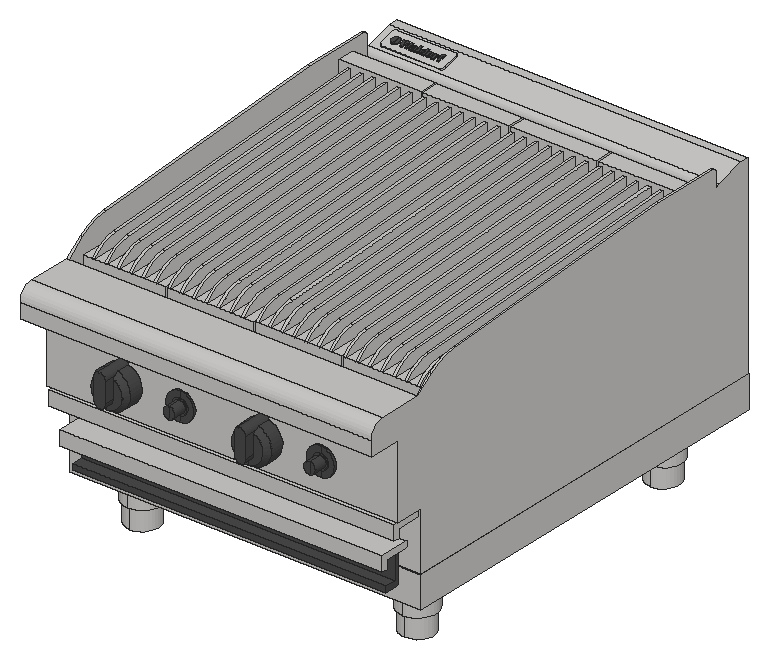
Revit family "QF_MOFFAT WALDORF_CHL8600G-B", category Specialty Equipment, Revit 2012
Parameters
  Weight in Pounds = 0
  URL Cutsheet = "www.moffat.com"
  URL = "www.moffat.com"
  Type Mark [instance] = ""
  Status [instance] = ""
  Specification by User [instance] = ""
  Specification by Manufacturer = ""
  Show Logo [instance] = yes
  Serial Number = ""
  Seismic Rating = ""
  SMACNA No = ""
  Revision Code [instance] = ""
  Omniclass Number and Title = ""
  NAFEM Spec ID Number = ""
  Model = "CHL8600G-B"
  Mechanical Remarks [instance] = ""
  Mechanical Connection Type [instance] = ""
  Masterspec = ""
  Manufacturer = "MOFFAT WALDORF"
  Item Number [instance] = ""
  Installed By [instance] = ""
  Identify Quantity as Lot [instance] = yes
  Gas Size = 3/4"
  Gas RI Height [instance] = 0 mm
  Gas KW [instance] = 18.3
  Gas Input [instance] = 62556.0 Btu/h
  Gas Connection Height = 0 mm
  Furnished By [instance] = ""
  Foodservice Equipment Identifier [instance] = yes
  Description = "CHARGRILL LOW SPLASHBACK BENCH MOUNT"
  CSI MasterFormat = ""
  CSI Master Format = ""
  Body Finish = QF_Finishes_Stainless Steel
Reference planes
  plane 1 "BACK": y = 0
  plane 2: z = 0
  plane 3 "LEFT": x = 0
  plane 4 "RIGHT": x = 600
  plane 5 "FRONT": y = -805
  plane 6 "TOP": z = 972
  plane 7 "Center Y": x = 300
  plane 8 "Center X": y = -402.5
  plane 9: z = 470
Forms (mm)
  Extrusion 1, solid, material "QF_Finishes_Stainless Steel" <- "Body Finish"
    sketch origin (0, 0, -500) x (0, 1, 0) y (0, 0, 1)
      loop
        line (-805, 891) -> (-805, 866) -> (-749, 866) -> (-749, 740) -> (-699, 740) -> (-699, 640) -> (0, 640) -> (0, 970) -> (-15, 970) -> (-61.106, 957.646)
        arc (-61.106, 957.646) -> (-67.52, 953.36) -> (-70, 946.055) r 12
        line (-70, 946.055) -> (-70, 875) -> (-705, 875) -> (-705, 915) -> (-781, 915)
        arc (-781, 915) -> (-797.971, 907.971) -> (-805, 891) r 24
      loop
        line (0, 585) -> (0, 639.206) -> (-699, 639.206) -> (-699, 585) -> (0, 585)
    from 0 to 600
  Revolve 2, solid, material "QF_Finishes_Stainless Steel" <- "Body Finish"
    sketch origin (535, -735, 0) x (0, 1, 0) y (0, 0, -1)
      loop
        line (78.25, -85) -> (110, -85) -> (110, 0) -> (82.5, 0) -> (82.5, -35) -> (78.25, -35) -> (78.25, -85)
      axis (110, -85) -> (110, 0)
    angle from 0 to 360
  Revolve 3, solid, material "QF_Finishes_Stainless Steel" <- "Body Finish"
    sketch origin (535, -210, 0) x (0, 1, 0) y (0, 0, -1)
      loop
        line (78.25, -85) -> (110, -85) -> (110, 0) -> (82.5, 0) -> (82.5, -35) -> (78.25, -35) -> (78.25, -85)
      axis (110, -85) -> (110, 0)
    angle from 0 to 360
  Revolve 4, solid, material "QF_Finishes_Stainless Steel" <- "Body Finish"
    sketch origin (65, -735, 0) x (0, 1, 0) y (0, 0, 1)
      loop
        line (78.25, 85) -> (78.25, 35) -> (82.5, 35) -> (82.5, 0) -> (110, 0) -> (110, 85) -> (78.25, 85)
      axis (110, 85) -> (110, 0)
    angle from 0 to 360
  Revolve 5, solid, material "QF_Finishes_Stainless Steel" <- "Body Finish"
    sketch origin (65, -210, 0) x (0, 1, 0) y (0, 0, 1)
      loop
        line (78.25, 85) -> (78.25, 35) -> (82.5, 35) -> (82.5, 0) -> (110, 0) -> (110, 85) -> (78.25, 85)
      axis (110, 85) -> (110, 0)
    angle from 0 to 360
  Extrusion 6, solid, material "QF_Finishes_Stainless Steel" <- "Body Finish"
    sketch origin (0, 0, -342.612) x (0, 1, 0) y (0, 0, 1)
      loop
        line (-70, 717) -> (-70, 821.612)
        arc (-70, 821.612) -> (-71.757, 825.854) -> (-76, 827.612) r 6
        line (-76, 827.612) -> (-191, 827.612) -> (-626.365, 797.168)
        arc (-626.365, 797.168) -> (-652.77, 791.676) -> (-676.747, 779.327) r 100
        line (-676.747, 779.327) -> (-705, 757.612) -> (-705, 717) -> (-70, 717)
    from 0 to 4.5
  Extrusion 7, solid, material "QF_Finishes_Stainless Steel" <- "Body Finish"
    sketch origin (600, 0, -342.612) x (0, 1, 0) y (0, 0, -1)
      loop
        line (-70, -717) -> (-705, -717) -> (-705, -757.612) -> (-676.747, -779.327)
        arc (-676.747, -779.327) -> (-652.77, -791.676) -> (-626.365, -797.168) r 100
        line (-626.365, -797.168) -> (-191, -827.612) -> (-76, -827.612)
        arc (-76, -827.612) -> (-71.757, -825.854) -> (-70, -821.612) r 6
        line (-70, -821.612) -> (-70, -717)
    from 0 to 3
  Revolve 8, solid, material "QF_Finishes_Black"
    sketch origin (138.112, 0, -342) x (0, 1, 0) y (0, 0, 1)
      loop
        line (-782, 671.5) -> (-793, 665.651) -> (-793, 639) -> (-749, 639) -> (-749, 644) -> (-759, 644) -> (-759, 671.5) -> (-782, 671.5)
      axis (-793, 639) -> (-749, 639)
    angle from 0 to 360
  Extrusion 9, solid, material "QF_Finishes_Black"
    sketch origin (0, 0, -342) x (1, 0, 0) y (0, 0, 1)
      loop
        line (148.3, 631) -> (148.3, 666)
        arc (148.3, 666) -> (138.3, 676) -> (128.3, 666) r 10
        line (128.3, 666) -> (128.3, 631)
        arc (128.3, 631) -> (138.3, 621) -> (148.3, 631) r 10
    from 759 to 808
  Revolve 10, solid, material "QF_Finishes_Black"
    sketch origin (378.544, 0, -342) x (0, 1, 0) y (0, 0, -1)
      loop
        line (-782, -671.5) -> (-759, -671.5) -> (-759, -644) -> (-749, -644) -> (-749, -639) -> (-793, -639) -> (-793, -665.651) -> (-782, -671.5)
      axis (-793, -639) -> (-749, -639)
    angle from 0 to 360
  Extrusion 11, solid, material "QF_Finishes_Black"
    sketch origin (516.656, 0, -342) x (-1, 0, 0) y (0, 0, -1)
      loop
        arc (148.3, -631) -> (138.3, -621) -> (128.3, -631) r 10
        line (128.3, -631) -> (128.3, -666)
        arc (128.3, -666) -> (138.3, -676) -> (148.3, -666) r 10
        line (148.3, -666) -> (148.3, -631)
    from 759 to 808
  Revolve 12, solid, material "QF_Finishes_Black"
    sketch origin (238.3, 0, -342) x (0, 1, 0) y (0, 0, 1)
      loop
        line (-759, 644) -> (-759, 663) -> (-761.705, 663) -> (-761.705, 651.85) -> (-762.85, 651.85) -> (-762.85, 648.825) -> (-784.88, 648.825) -> (-784.88, 639) -> (-749, 639) -> (-749, 644) -> (-759, 644)
      axis (-749, 639) -> (-784.88, 639)
    angle from 0 to 360
  Revolve 13, solid, material "QF_Finishes_Black"
    sketch origin (478.3, 0, -342) x (0, 1, 0) y (0, 0, 1)
      loop
        line (-759, 644) -> (-759, 663) -> (-761.705, 663) -> (-761.705, 651.85) -> (-762.85, 651.85) -> (-762.85, 648.825) -> (-784.88, 648.825) -> (-784.88, 639) -> (-749, 639) -> (-749, 644) -> (-759, 644)
      axis (-749, 639) -> (-784.88, 639)
    angle from 0 to 360
  Extrusion 14, solid, material "QF_Finishes_Stainless Steel"
    sketch origin (276, 0, -342) x (0, 1, 0) y (0, 0, 1)
      loop
        line (-132, 752.364) -> (-132, 804.849) -> (-630.852, 774.53)
        arc (-630.852, 774.53) -> (-656.098, 767.97) -> (-677, 752.364) r 67.81
        line (-677, 752.364) -> (-132, 752.364)
    from 0 to 4.5
  Extrusion 15, solid, material "QF_Finishes_Stainless Steel"
    sketch origin (255, 0, -342) x (0, 1, 0) y (0, 0, 1)
      loop
        line (-132, 752.364) -> (-132, 804.849) -> (-630.852, 774.53)
        arc (-630.852, 774.53) -> (-656.098, 767.97) -> (-677, 752.364) r 67.81
        line (-677, 752.364) -> (-132, 752.364)
    from 0 to 4.5
  Extrusion 16, solid, material "QF_Finishes_Stainless Steel"
    sketch origin (234, 0, -342) x (0, 1, 0) y (0, 0, 1)
      loop
        line (-132, 752.364) -> (-132, 804.849) -> (-630.852, 774.53)
        arc (-630.852, 774.53) -> (-656.098, 767.97) -> (-677, 752.364) r 67.81
        line (-677, 752.364) -> (-132, 752.364)
    from 0 to 4.5
  Extrusion 17, solid, material "QF_Finishes_Stainless Steel"
    sketch origin (213, 0, -342) x (0, 1, 0) y (0, 0, 1)
      loop
        line (-132, 752.364) -> (-132, 804.849) -> (-630.852, 774.53)
        arc (-630.852, 774.53) -> (-656.098, 767.97) -> (-677, 752.364) r 67.81
        line (-677, 752.364) -> (-132, 752.364)
    from 0 to 4.5
  Extrusion 18, solid, material "QF_Finishes_Stainless Steel"
    sketch origin (192, 0, -342) x (0, 1, 0) y (0, 0, 1)
      loop
        line (-132, 752.364) -> (-132, 804.849) -> (-630.852, 774.53)
        arc (-630.852, 774.53) -> (-656.098, 767.97) -> (-677, 752.364) r 67.81
        line (-677, 752.364) -> (-132, 752.364)
    from 0 to 4.5
  Extrusion 19, solid, material "QF_Finishes_Stainless Steel"
    sketch origin (171, 0, -342) x (0, 1, 0) y (0, 0, 1)
      loop
        line (-132, 752.364) -> (-132, 804.849) -> (-630.852, 774.53)
        arc (-630.852, 774.53) -> (-656.098, 767.97) -> (-677, 752.364) r 67.81
        line (-677, 752.364) -> (-132, 752.364)
    from 0 to 4.5
  Extrusion 20, solid, material "QF_Finishes_Stainless Steel"
    sketch origin (150, 0, -342) x (0, 1, 0) y (0, 0, 1)
      loop
        line (-132, 752.364) -> (-132, 804.849) -> (-630.852, 774.53)
        arc (-630.852, 774.53) -> (-656.098, 767.97) -> (-677, 752.364) r 67.81
        line (-677, 752.364) -> (-132, 752.364)
    from 0 to 4.5
  Extrusion 21, solid, material "QF_Finishes_Stainless Steel"
    sketch origin (126, 0, -342) x (0, 1, 0) y (0, 0, 1)
      loop
        line (-132, 752.364) -> (-132, 804.849) -> (-630.852, 774.53)
        arc (-630.852, 774.53) -> (-656.098, 767.97) -> (-677, 752.364) r 67.81
        line (-677, 752.364) -> (-132, 752.364)
    from 0 to 4.5
  Extrusion 22, solid, material "QF_Finishes_Stainless Steel"
    sketch origin (105, 0, -342) x (0, 1, 0) y (0, 0, 1)
      loop
        line (-132, 752.364) -> (-132, 804.849) -> (-630.852, 774.53)
        arc (-630.852, 774.53) -> (-656.098, 767.97) -> (-677, 752.364) r 67.81
        line (-677, 752.364) -> (-132, 752.364)
    from 0 to 4.5
  Extrusion 23, solid, material "QF_Finishes_Stainless Steel"
    sketch origin (84, 0, -342) x (0, 1, 0) y (0, 0, 1)
      loop
        line (-132, 752.364) -> (-132, 804.849) -> (-630.852, 774.53)
        arc (-630.852, 774.53) -> (-656.098, 767.97) -> (-677, 752.364) r 67.81
        line (-677, 752.364) -> (-132, 752.364)
    from 0 to 4.5
  Extrusion 24, solid, material "QF_Finishes_Stainless Steel"
    sketch origin (63, 0, -342) x (0, 1, 0) y (0, 0, 1)
      loop
        line (-132, 752.364) -> (-132, 804.849) -> (-630.852, 774.53)
        arc (-630.852, 774.53) -> (-656.098, 767.97) -> (-677, 752.364) r 67.81
        line (-677, 752.364) -> (-132, 752.364)
    from 0 to 4.5
  Extrusion 25, solid, material "QF_Finishes_Stainless Steel"
    sketch origin (42, 0, -342) x (0, 1, 0) y (0, 0, 1)
      loop
        line (-132, 752.364) -> (-132, 804.849) -> (-630.852, 774.53)
        arc (-630.852, 774.53) -> (-656.098, 767.97) -> (-677, 752.364) r 67.81
        line (-677, 752.364) -> (-132, 752.364)
    from 0 to 4.5
  Extrusion 26, solid, material "QF_Finishes_Stainless Steel"
    sketch origin (21, 0, -342) x (0, 1, 0) y (0, 0, 1)
      loop
        line (-132, 752.364) -> (-132, 804.849) -> (-630.852, 774.53)
        arc (-630.852, 774.53) -> (-656.098, 767.97) -> (-677, 752.364) r 67.81
        line (-677, 752.364) -> (-132, 752.364)
    from 0 to 4.5
  Extrusion 27, solid, material "QF_Finishes_Stainless Steel"
    sketch origin (426, 0, -342) x (0, 1, 0) y (0, 0, 1)
      loop
        line (-132, 752.364) -> (-132, 804.849) -> (-630.852, 774.53)
        arc (-630.852, 774.53) -> (-656.098, 767.97) -> (-677, 752.364) r 67.81
        line (-677, 752.364) -> (-132, 752.364)
    from 0 to 4.5
  Extrusion 28, solid, material "QF_Finishes_Stainless Steel"
    sketch origin (405, 0, -342) x (0, 1, 0) y (0, 0, 1)
      loop
        line (-132, 752.364) -> (-132, 804.849) -> (-630.852, 774.53)
        arc (-630.852, 774.53) -> (-656.098, 767.97) -> (-677, 752.364) r 67.81
        line (-677, 752.364) -> (-132, 752.364)
    from 0 to 4.5
  Extrusion 29, solid, material "QF_Finishes_Stainless Steel"
    sketch origin (384, 0, -342) x (0, 1, 0) y (0, 0, 1)
      loop
        line (-132, 752.364) -> (-132, 804.849) -> (-630.852, 774.53)
        arc (-630.852, 774.53) -> (-656.098, 767.97) -> (-677, 752.364) r 67.81
        line (-677, 752.364) -> (-132, 752.364)
    from 0 to 4.5
  Extrusion 30, solid, material "QF_Finishes_Stainless Steel"
    sketch origin (363, 0, -342) x (0, 1, 0) y (0, 0, 1)
      loop
        line (-132, 752.364) -> (-132, 804.849) -> (-630.852, 774.53)
        arc (-630.852, 774.53) -> (-656.098, 767.97) -> (-677, 752.364) r 67.81
        line (-677, 752.364) -> (-132, 752.364)
    from 0 to 4.5
  Extrusion 31, solid, material "QF_Finishes_Stainless Steel"
    sketch origin (342, 0, -342) x (0, 1, 0) y (0, 0, 1)
      loop
        line (-132, 752.364) -> (-132, 804.849) -> (-630.852, 774.53)
        arc (-630.852, 774.53) -> (-656.098, 767.97) -> (-677, 752.364) r 67.81
        line (-677, 752.364) -> (-132, 752.364)
    from 0 to 4.5
  Extrusion 32, solid, material "QF_Finishes_Stainless Steel"
    sketch origin (321, 0, -342) x (0, 1, 0) y (0, 0, 1)
      loop
        line (-132, 752.364) -> (-132, 804.849) -> (-630.852, 774.53)
        arc (-630.852, 774.53) -> (-656.098, 767.97) -> (-677, 752.364) r 67.81
        line (-677, 752.364) -> (-132, 752.364)
    from 0 to 4.5
  Extrusion 33, solid, material "QF_Finishes_Stainless Steel"
    sketch origin (300, 0, -342) x (0, 1, 0) y (0, 0, 1)
      loop
        line (-132, 752.364) -> (-132, 804.849) -> (-630.852, 774.53)
        arc (-630.852, 774.53) -> (-656.098, 767.97) -> (-677, 752.364) r 67.81
        line (-677, 752.364) -> (-132, 752.364)
    from 0 to 4.5
  Extrusion 34, solid, material "QF_Finishes_Stainless Steel"
    sketch origin (576, 0, -342) x (0, 1, 0) y (0, 0, 1)
      loop
        line (-132, 752.364) -> (-132, 804.849) -> (-630.852, 774.53)
        arc (-630.852, 774.53) -> (-656.098, 767.97) -> (-677, 752.364) r 67.81
        line (-677, 752.364) -> (-132, 752.364)
    from 0 to 4.5
  Extrusion 35, solid, material "QF_Finishes_Stainless Steel"
    sketch origin (555, 0, -342) x (0, 1, 0) y (0, 0, 1)
      loop
        line (-132, 752.364) -> (-132, 804.849) -> (-630.852, 774.53)
        arc (-630.852, 774.53) -> (-656.098, 767.97) -> (-677, 752.364) r 67.81
        line (-677, 752.364) -> (-132, 752.364)
    from 0 to 4.5
  Extrusion 36, solid, material "QF_Finishes_Stainless Steel"
    sketch origin (534, 0, -342) x (0, 1, 0) y (0, 0, 1)
      loop
        line (-132, 752.364) -> (-132, 804.849) -> (-630.852, 774.53)
        arc (-630.852, 774.53) -> (-656.098, 767.97) -> (-677, 752.364) r 67.81
        line (-677, 752.364) -> (-132, 752.364)
    from 0 to 4.5
  Extrusion 37, solid, material "QF_Finishes_Stainless Steel"
    sketch origin (513, 0, -342) x (0, 1, 0) y (0, 0, 1)
      loop
        line (-132, 752.364) -> (-132, 804.849) -> (-630.852, 774.53)
        arc (-630.852, 774.53) -> (-656.098, 767.97) -> (-677, 752.364) r 67.81
        line (-677, 752.364) -> (-132, 752.364)
    from 0 to 4.5
  Extrusion 38, solid, material "QF_Finishes_Stainless Steel"
    sketch origin (492, 0, -342) x (0, 1, 0) y (0, 0, 1)
      loop
        line (-132, 752.364) -> (-132, 804.849) -> (-630.852, 774.53)
        arc (-630.852, 774.53) -> (-656.098, 767.97) -> (-677, 752.364) r 67.81
        line (-677, 752.364) -> (-132, 752.364)
    from 0 to 4.5
  Extrusion 39, solid, material "QF_Finishes_Stainless Steel"
    sketch origin (471, 0, -342) x (0, 1, 0) y (0, 0, 1)
      loop
        line (-132, 752.364) -> (-132, 804.849) -> (-630.852, 774.53)
        arc (-630.852, 774.53) -> (-656.098, 767.97) -> (-677, 752.364) r 67.81
        line (-677, 752.364) -> (-132, 752.364)
    from 0 to 4.5
  Extrusion 40, solid, material "QF_Finishes_Stainless Steel"
    sketch origin (450, 0, -342) x (0, 1, 0) y (0, 0, 1)
      loop
        line (-132, 752.364) -> (-132, 804.849) -> (-630.852, 774.53)
        arc (-630.852, 774.53) -> (-656.098, 767.97) -> (-677, 752.364) r 67.81
        line (-677, 752.364) -> (-132, 752.364)
    from 0 to 4.5
  Extrusion 41, solid, material "QF_Finishes_Stainless Steel"
    sketch origin (1, 3, -500) x (1, 0, 0) y (0, 1, 0)
      loop
        circle (215, -35) r 13.5
    from 555 to 585
  Extrusion 42, solid, material "QF_Finishes_Black"
    sketch origin (1, 0, -342) x (0, 1, 0) y (0, 0, 1)
      loop
        line (-704, 513.797) -> (-704, 460.047) -> (-724, 460.047) -> (-724, 450.047) -> (-685.346, 450.047) -> (-685.346, 513.797) -> (-704, 513.797)
    from 24.12 to 559
  Extrusion 43, solid, material "QF_Finishes_Stainless Steel"
    sketch origin (0, 0, -342) x (0, 1, 0) y (0, 0, 1)
      loop
        line (-751.27, 553.219) -> (-741.27, 553.219) -> (-741.27, 568.219) -> (-699, 568.219) -> (-699, 578.219) -> (-751.27, 578.219) -> (-751.27, 553.219)
    from 5.013 to 595
  Extrusion 44, solid, material "QF_Finishes_Stainless Steel"
    sketch origin (0, 0, -396.422) x (0, 1, 0) y (0, 0, 1)
      loop
        line (-751.27, 553.219) -> (-741.27, 553.219) -> (-741.27, 568.219) -> (-685.346, 568.219) -> (-685.346, 578.219) -> (-751.27, 578.219) -> (-751.27, 553.219)
    from 25.12 to 575.007
  Extrusion 45, solid, material "QF_Finishes_Stainless Steel"
    sketch origin (0, 0, -342) x (0, 1, 0) y (0, 0, 1)
      loop
        line (-132, 752.364) -> (-677, 752.364) -> (-677, 717) -> (-102, 717) -> (-102, 812) -> (-132, 812) -> (-132, 752.364)
    from 4.5 to 147
  Extrusion 46, solid, material "QF_Finishes_Stainless Steel"
    sketch origin (145.5, 0, -342) x (0, 1, 0) y (0, 0, 1)
      loop
        line (-132, 752.364) -> (-677, 752.364) -> (-677, 717) -> (-102, 717) -> (-102, 812) -> (-132, 812) -> (-132, 752.364)
    from 4.5 to 151.5
  Extrusion 47, solid, material "QF_Finishes_Stainless Steel"
    sketch origin (295.5, 0, -342) x (0, 1, 0) y (0, 0, 1)
      loop
        line (-132, 752.364) -> (-677, 752.364) -> (-677, 717) -> (-102, 717) -> (-102, 812) -> (-132, 812) -> (-132, 752.364)
    from 4.5 to 151.5
  Extrusion 48, solid, material "QF_Finishes_Stainless Steel"
    sketch origin (445.5, 0, -342) x (0, 1, 0) y (0, 0, 1)
      loop
        line (-132, 752.364) -> (-677, 752.364) -> (-677, 717) -> (-102, 717) -> (-102, 812) -> (-132, 812) -> (-132, 752.364)
    from 4.5 to 151.5
Cuts and joins
  joined: Revolve 8, Extrusion 9
  joined: Revolve 10, Extrusion 11
  joined: Extrusion 1, Extrusion 6, Extrusion 7
Lines and regions (mm)
  Split face 1
    outline origin (0, -15.841, 469.775) x (0, -0.965926, -0.258819) y (1, 0, 0)
      loop
        line (1.092, 129.583) -> (32.089, 129.583) -> (32.089, 149.583) -> (1.092, 149.583) -> (1.092, 129.583)
  Split face 2
    outline origin (0, -15.841, 469.775) x (0, -0.965926, -0.258819) y (1, 0, 0)
      loop
        line (32.089, 156.5) -> (32.089, 176.5) -> (1.092, 176.5) -> (1.092, 156.5) -> (32.089, 156.5)
  Split face 3
    outline origin (0, -15.841, 469.775) x (0, -0.965926, -0.258819) y (1, 0, 0)
      loop
        line (32.089, 203.5) -> (1.092, 203.5) -> (1.092, 183.5) -> (32.089, 183.5) -> (32.089, 203.5)
  Split face 4
    outline origin (0, -15.841, 469.775) x (0, -0.965926, -0.258819) y (1, 0, 0)
      loop
        line (32.089, 230.5) -> (1.092, 230.5) -> (1.092, 210.5) -> (32.089, 210.5) -> (32.089, 230.5)
  Split face 5
    outline origin (0, -15.841, 469.775) x (0, -0.965926, -0.258819) y (1, 0, 0)
      loop
        line (32.089, 257.5) -> (1.092, 257.5) -> (1.092, 237.5) -> (32.089, 237.5) -> (32.089, 257.5)
  Split face 6
    outline origin (0, -15.841, 469.775) x (0, -0.965926, -0.258819) y (1, 0, 0)
      loop
        line (32.089, 264.5) -> (32.089, 284.5) -> (1.092, 284.5) -> (1.092, 264.5) -> (32.089, 264.5)
  Split face 7
    outline origin (0, -15.841, 469.775) x (0, -0.965926, -0.258819) y (1, 0, 0)
      loop
        line (32.089, 311.5) -> (1.092, 311.5) -> (1.092, 291.5) -> (32.089, 291.5) -> (32.089, 311.5)
  Split face 8
    outline origin (0, -15.841, 469.775) x (0, -0.965926, -0.258819) y (1, 0, 0)
      loop
        line (1.092, 338.5) -> (1.092, 318.5) -> (32.089, 318.5) -> (32.089, 338.5) -> (1.092, 338.5)
  Split face 9
    outline origin (0, -15.841, 469.775) x (0, -0.965926, -0.258819) y (1, 0, 0)
      loop
        line (1.092, 345.5) -> (32.089, 345.5) -> (32.089, 365.5) -> (1.092, 365.5) -> (1.092, 345.5)
  Split face 10
    outline origin (0, -15.841, 469.775) x (0, -0.965926, -0.258819) y (1, 0, 0)
      loop
        line (32.089, 372.5) -> (32.089, 392.5) -> (1.092, 392.5) -> (1.092, 372.5) -> (32.089, 372.5)
  Split face 11
    outline origin (0, -15.841, 469.775) x (0, -0.965926, -0.258819) y (1, 0, 0)
      loop
        line (32.089, 399.5) -> (32.089, 419.5) -> (1.092, 419.5) -> (1.092, 399.5) -> (32.089, 399.5)
  Split face 12
    outline origin (0, -15.841, 469.775) x (0, -0.965926, -0.258819) y (1, 0, 0)
      loop
        line (32.089, 426.5) -> (32.089, 446.5) -> (1.092, 446.5) -> (1.092, 426.5) -> (32.089, 426.5)
  Split face 13
    outline origin (0, -15.841, 469.775) x (0, -0.965926, -0.258819) y (1, 0, 0)
      loop
        line (1.092, 453.5) -> (32.089, 453.5) -> (32.089, 473.5) -> (1.092, 473.5) -> (1.092, 453.5)
  Split face 14
    outline origin (600, -699, 240) x (-1, 0, 0) y (0, 0, -1)
      loop
        line (574.88, 98.75) -> (24.993, 98.75) -> (24.993, 1.25) -> (574.88, 1.25) -> (574.88, 98.75)
  symbolic lines
    curve 1: line (0, 0, 0) -> (0, -805, 0)
    curve 2: line (600, 0, 0) -> (0, 0, 0)
    curve 3: line (600, -805, 0) -> (600, 0, 0)
    curve 4: line (0, -70, 0) -> (600, -70, 0)
    curve 5: line (0, -805, 0) -> (600, -805, 0)
    curve 6: line (12.5, -51.234, 0) -> (12.5, -20.958, 0)
    curve 7: line (12.5, -20.958, 0) -> (121.5, -20.958, 0)
    curve 8: line (12.5, -51.234, 0) -> (121.5, -51.234, 0)
    curve 9: line (121.5, -20.958, 0) -> (121.5, -51.234, 0)
    curve 10: line (129.583, -22.262, 0) -> (129.583, -50.526, 0)
    curve 11: line (129.583, -50.526, 0) -> (149.583, -50.526, 0)
    curve 12: line (149.583, -50.526, 0) -> (149.583, -22.262, 0)
    curve 13: line (149.583, -22.262, 0) -> (129.583, -22.262, 0)
    curve 14: line (156.5, -22.262, 0) -> (156.5, -50.526, 0)
    curve 15: line (156.5, -50.526, 0) -> (176.5, -50.526, 0)
    curve 16: line (176.5, -50.526, 0) -> (176.5, -22.262, 0)
    curve 17: line (176.5, -22.262, 0) -> (156.5, -22.262, 0)
    curve 18: line (183.5, -22.262, 0) -> (183.5, -50.526, 0)
    curve 19: line (183.5, -50.526, 0) -> (203.5, -50.526, 0)
    curve 20: line (203.5, -50.526, 0) -> (203.5, -22.262, 0)
    curve 21: line (203.5, -22.262, 0) -> (183.5, -22.262, 0)
    curve 22: line (210.5, -22.262, 0) -> (210.5, -50.526, 0)
    curve 23: line (210.5, -50.526, 0) -> (230.5, -50.526, 0)
    curve 24: line (230.5, -50.526, 0) -> (230.5, -22.262, 0)
    curve 25: line (230.5, -22.262, 0) -> (210.5, -22.262, 0)
    curve 26: line (237.5, -22.262, 0) -> (237.5, -50.526, 0)
    curve 27: line (237.5, -50.526, 0) -> (257.5, -50.526, 0)
    curve 28: line (257.5, -50.526, 0) -> (257.5, -22.262, 0)
    curve 29: line (257.5, -22.262, 0) -> (237.5, -22.262, 0)
    curve 30: line (264.5, -22.262, 0) -> (264.5, -50.526, 0)
    curve 31: line (264.5, -50.526, 0) -> (284.5, -50.526, 0)
    curve 32: line (284.5, -50.526, 0) -> (284.5, -22.262, 0)
    curve 33: line (284.5, -22.262, 0) -> (264.5, -22.262, 0)
    curve 34: line (291.5, -22.262, 0) -> (291.5, -50.526, 0)
    curve 35: line (291.5, -50.526, 0) -> (311.5, -50.526, 0)
    curve 36: line (311.5, -50.526, 0) -> (311.5, -22.262, 0)
    curve 37: line (311.5, -22.262, 0) -> (291.5, -22.262, 0)
    curve 38: line (318.5, -22.262, 0) -> (318.5, -50.526, 0)
    curve 39: line (318.5, -50.526, 0) -> (338.5, -50.526, 0)
    curve 40: line (338.5, -50.526, 0) -> (338.5, -22.262, 0)
    curve 41: line (338.5, -22.262, 0) -> (318.5, -22.262, 0)
    curve 42: line (345.5, -22.262, 0) -> (345.5, -50.526, 0)
    curve 43: line (345.5, -50.526, 0) -> (365.5, -50.526, 0)
    curve 44: line (365.5, -50.526, 0) -> (365.5, -22.262, 0)
    curve 45: line (365.5, -22.262, 0) -> (345.5, -22.262, 0)
    curve 46: line (372.5, -22.262, 0) -> (372.5, -50.526, 0)
    curve 47: line (372.5, -50.526, 0) -> (392.5, -50.526, 0)
    curve 48: line (392.5, -50.526, 0) -> (392.5, -22.262, 0)
    curve 49: line (392.5, -22.262, 0) -> (372.5, -22.262, 0)
    curve 50: line (399.5, -22.262, 0) -> (399.5, -50.526, 0)
    curve 51: line (399.5, -50.526, 0) -> (419.5, -50.526, 0)
    curve 52: line (419.5, -50.526, 0) -> (419.5, -22.262, 0)
    curve 53: line (419.5, -22.262, 0) -> (399.5, -22.262, 0)
    curve 54: line (426.5, -22.262, 0) -> (426.5, -50.526, 0)
    curve 55: line (426.5, -50.526, 0) -> (446.5, -50.526, 0)
    curve 56: line (446.5, -50.526, 0) -> (446.5, -22.262, 0)
    curve 57: line (446.5, -22.262, 0) -> (426.5, -22.262, 0)
    curve 58: line (453.5, -22.262, 0) -> (453.5, -50.526, 0)
    curve 59: line (453.5, -50.526, 0) -> (473.5, -50.526, 0)
    curve 60: line (473.5, -50.526, 0) -> (473.5, -22.262, 0)
    curve 61: line (473.5, -22.262, 0) -> (453.5, -22.262, 0)
    curve 62: line (600, -705, 0) -> (0, -705, 0)
    curve 63: line (4.5, -705, 0) -> (4.5, -70, 0)
    curve 64: line (597, -70, 0) -> (597, -705, 0)
Dimensions and locks
  equal spacing: plane 3 "LEFT", plane 7 "Center Y", plane 4 "RIGHT"
  plane 3 "LEFT" to plane 4 "RIGHT" = 600 mm
  equal spacing: plane 5 "FRONT", plane 8 "Center X", plane 1 "BACK"
  plane 5 "FRONT" to plane 1 "BACK" = 805 mm  (x2)
  equal spacing: plane 4 "RIGHT", plane 7 "Center Y", plane 3 "LEFT"
  plane 4 "RIGHT" to plane 3 "LEFT" = 600 mm
  cut or joined group of Extrusion 1, Extrusion 6, Extrusion 7 to level = 415 mm
  Extrusion 41 to level = 55 mm
  Extrusion 41 to plane 1 "BACK" = 32 mm
  cut or joined group of Extrusion 1, Extrusion 6, Extrusion 7 to plane 1 "BACK" = 70 mm
  plane 9 to level = 470 mm  (x2)
  aligned and locked: level to plane 2
  aligned and locked: curve 3 to plane 4 "RIGHT"
  aligned and locked: Extrusion 42 to Extrusion 44
Automatic sketch dimensions
  Revolve 2 sketch curve to level = 0 mm
  Revolve 2 sketch curve to Revolve 2 sketch curve = 31.75 mm
  Revolve 2 sketch curve to Revolve 2 sketch curve = 0 mm
  Revolve 2 sketch curve to Revolve 2 sketch curve = 35 mm
  Revolve 2 sketch curve to Revolve 2 sketch curve = 55 mm
  Extrusion 1 to Split face 1 sketch curve = 1.962 mm
  Split face 1 sketch curve to Extrusion 1 = 129.583 mm
  Split face 1 sketch curve to Split face 1 sketch curve = 20 mm
  Extrusion 1 to Split face 2 sketch curve = 1.962 mm
  Split face 2 sketch curve to Extrusion 1 = 156.5 mm
  Split face 2 sketch curve to Split face 2 sketch curve = 20 mm
  Extrusion 1 to Split face 3 sketch curve = 1.962 mm
  Split face 3 sketch curve to Extrusion 1 = 183.5 mm
  Split face 3 sketch curve to Split face 3 sketch curve = 20 mm
  Extrusion 1 to Split face 4 sketch curve = 1.962 mm
  Split face 4 sketch curve to Extrusion 1 = 210.5 mm
  Split face 4 sketch curve to Split face 4 sketch curve = 20 mm
  Extrusion 1 to Split face 5 sketch curve = 1.962 mm
  Split face 5 sketch curve to Extrusion 1 = 237.5 mm
  Split face 5 sketch curve to Split face 5 sketch curve = 20 mm
  Extrusion 1 to Split face 6 sketch curve = 1.962 mm
  Split face 6 sketch curve to Extrusion 1 = 264.5 mm
  Split face 6 sketch curve to Split face 6 sketch curve = 20 mm
  Extrusion 1 to Split face 7 sketch curve = 1.962 mm
  Split face 7 sketch curve to Extrusion 1 = 291.5 mm
  Split face 7 sketch curve to Split face 7 sketch curve = 20 mm
  Extrusion 1 to Split face 8 sketch curve = 1.962 mm
  Split face 8 sketch curve to Extrusion 1 = 281.5 mm
  Split face 8 sketch curve to Split face 8 sketch curve = 20 mm
  Extrusion 1 to Split face 9 sketch curve = 1.962 mm
  Split face 9 sketch curve to Extrusion 1 = 254.5 mm
  Split face 9 sketch curve to Split face 9 sketch curve = 20 mm
  Extrusion 1 to Split face 10 sketch curve = 1.962 mm
  Split face 10 sketch curve to Extrusion 1 = 227.5 mm
  Split face 10 sketch curve to Split face 10 sketch curve = 20 mm
  Extrusion 1 to Split face 11 sketch curve = 1.962 mm
  Split face 11 sketch curve to Extrusion 1 = 200.5 mm
  Split face 11 sketch curve to Split face 11 sketch curve = 20 mm
  Extrusion 1 to Split face 12 sketch curve = 1.962 mm
  Split face 12 sketch curve to Extrusion 1 = 173.5 mm
  Split face 12 sketch curve to Split face 12 sketch curve = 20 mm
  Extrusion 1 to Split face 13 sketch curve = 1.962 mm
  Split face 13 sketch curve to Extrusion 1 = 146.5 mm
  Split face 13 sketch curve to Split face 13 sketch curve = 20 mm
  Revolve 3 sketch curve to level = 0 mm
  Revolve 3 sketch curve to Revolve 3 sketch curve = 4.25 mm
  Revolve 3 sketch curve to Revolve 3 sketch curve = 31.75 mm
  Revolve 3 sketch curve to Revolve 3 sketch curve = 0 mm
  level to Revolve 3 sketch curve = 35 mm
  Revolve 3 sketch curve to Revolve 3 sketch curve = 15 mm
  Revolve 3 sketch curve to Revolve 3 sketch curve = 35 mm
  Revolve 3 sketch curve to Revolve 3 sketch curve = 55 mm
  Revolve 4 sketch curve to level = 0 mm
  Revolve 4 sketch curve to Revolve 4 sketch curve = 4.25 mm
  Revolve 4 sketch curve to Revolve 4 sketch curve = 31.75 mm
  Revolve 4 sketch curve to Revolve 4 sketch curve = 0 mm
  Revolve 4 sketch curve to Revolve 4 sketch curve = 55 mm
  level to Revolve 4 sketch curve = 35 mm
  Revolve 4 sketch curve to Revolve 4 sketch curve = 15 mm
  Revolve 4 sketch curve to Revolve 4 sketch curve = 50 mm
  Revolve 5 sketch curve to level = 0 mm
  Revolve 5 sketch curve to Revolve 5 sketch curve = 4.25 mm
  Revolve 5 sketch curve to Revolve 5 sketch curve = 31.75 mm
  Revolve 5 sketch curve to Revolve 5 sketch curve = 0 mm
  Revolve 5 sketch curve to Revolve 5 sketch curve = 55 mm
  level to Revolve 5 sketch curve = 35 mm
  Revolve 5 sketch curve to Revolve 5 sketch curve = 15 mm
  Revolve 5 sketch curve to Revolve 5 sketch curve = 50 mm
  Extrusion 6 sketch curve to plane 5 "FRONT" = 100 mm
  Revolve 8 sketch curve to plane 5 "FRONT" = 12 mm
  Revolve 8 sketch curve to Revolve 8 sketch curve = 0 mm  (x2)
  Revolve 8 sketch curve to Revolve 8 sketch curve = 11 mm
  Revolve 8 sketch curve to Revolve 8 sketch curve = 12.7 mm
  Revolve 8 sketch curve to Revolve 8 sketch curve = 23 mm
  Revolve 8 sketch curve to Revolve 8 sketch curve = 10 mm
  Revolve 8 sketch curve to plane 6 "TOP" = 675 mm
  Revolve 8 sketch curve to Revolve 8 sketch curve = 5 mm
  Revolve 8 sketch curve to Revolve 8 sketch curve = 26.651 mm
  Revolve 8 sketch curve to Revolve 8 sketch curve = 5.849 mm
  plane 3 "LEFT" to Extrusion 9 sketch curve = 128.3 mm
  Extrusion 9 sketch curve to Extrusion 9 sketch curve = 10 mm
  Extrusion 9 sketch curve to plane 6 "TOP" = 683 mm
  Extrusion 9 sketch curve to Extrusion 9 sketch curve = 35 mm
  Revolve 10 sketch curve to plane 5 "FRONT" = 12 mm
  Revolve 10 sketch curve to Revolve 10 sketch curve = 0 mm  (x2)
  Revolve 10 sketch curve to Revolve 10 sketch curve = 11 mm
  Revolve 10 sketch curve to Revolve 10 sketch curve = 12.7 mm
  Revolve 10 sketch curve to Revolve 10 sketch curve = 23 mm
  Revolve 10 sketch curve to Revolve 10 sketch curve = 10 mm
  Revolve 10 sketch curve to plane 6 "TOP" = 642.5 mm
  Revolve 10 sketch curve to Revolve 10 sketch curve = 5.849 mm
  Revolve 10 sketch curve to Revolve 10 sketch curve = 27.5 mm
  Revolve 10 sketch curve to Revolve 10 sketch curve = 5 mm
  plane 7 "Center Y" to Extrusion 11 sketch curve = 88.356 mm
  Extrusion 11 sketch curve to Extrusion 11 sketch curve = 10 mm
  Extrusion 11 sketch curve to plane 6 "TOP" = 648 mm
  Extrusion 11 sketch curve to Extrusion 11 sketch curve = 35 mm
  Revolve 12 sketch curve to plane 5 "FRONT" = 20.12 mm
  Revolve 12 sketch curve to Revolve 12 sketch curve = 6.83 mm
  Revolve 12 sketch curve to Revolve 12 sketch curve = 15.2 mm
  Revolve 12 sketch curve to Revolve 12 sketch curve = 1.144 mm
  Revolve 12 sketch curve to Revolve 12 sketch curve = 3.85 mm
  Revolve 12 sketch curve to Revolve 12 sketch curve = 0 mm  (x2)
  Revolve 12 sketch curve to Revolve 12 sketch curve = 10 mm
  Revolve 12 sketch curve to plane 6 "TOP" = 675 mm
  Revolve 12 sketch curve to Revolve 12 sketch curve = 5 mm
  Revolve 12 sketch curve to Revolve 12 sketch curve = 4.825 mm
  Revolve 12 sketch curve to Revolve 12 sketch curve = 3.025 mm
  Revolve 12 sketch curve to Revolve 12 sketch curve = 11.15 mm
  Revolve 13 sketch curve to plane 5 "FRONT" = 20.12 mm
  Revolve 13 sketch curve to Revolve 13 sketch curve = 6.83 mm
  Revolve 13 sketch curve to Revolve 13 sketch curve = 15.2 mm
  Revolve 13 sketch curve to Revolve 13 sketch curve = 1.144 mm
  Revolve 13 sketch curve to Revolve 13 sketch curve = 3.85 mm
  Revolve 13 sketch curve to Revolve 13 sketch curve = 0 mm  (x2)
  Revolve 13 sketch curve to Revolve 13 sketch curve = 10 mm
  Revolve 13 sketch curve to plane 6 "TOP" = 675 mm
  Revolve 13 sketch curve to Revolve 13 sketch curve = 5 mm
  Revolve 13 sketch curve to Revolve 13 sketch curve = 4.825 mm
  Revolve 13 sketch curve to Revolve 13 sketch curve = 3.025 mm
  Revolve 13 sketch curve to Revolve 13 sketch curve = 11.15 mm
  Extrusion 14 sketch curve to plane 5 "FRONT" = 128 mm
  Extrusion 14 sketch curve to Extrusion 14 sketch curve = 46.148 mm
  Extrusion 14 sketch curve to Extrusion 14 sketch curve = 4.114 mm
  plane 1 "BACK" to Extrusion 14 sketch curve = 132 mm
  Extrusion 14 sketch curve to plane 6 "TOP" = 607.155 mm
  Extrusion 14 sketch curve to plane 6 "TOP" = 561.636 mm
  Extrusion 14 sketch curve to Extrusion 14 sketch curve = 52.486 mm
  Extrusion 15 sketch curve to plane 5 "FRONT" = 128 mm
  Extrusion 15 sketch curve to Extrusion 15 sketch curve = 46.148 mm
  Extrusion 15 sketch curve to Extrusion 15 sketch curve = 4.114 mm
  plane 1 "BACK" to Extrusion 15 sketch curve = 132 mm
  Extrusion 15 sketch curve to plane 6 "TOP" = 607.155 mm
  Extrusion 15 sketch curve to plane 6 "TOP" = 561.636 mm
  Extrusion 15 sketch curve to Extrusion 15 sketch curve = 52.486 mm
  Extrusion 16 sketch curve to plane 5 "FRONT" = 128 mm
  Extrusion 16 sketch curve to Extrusion 16 sketch curve = 46.148 mm
  Extrusion 16 sketch curve to Extrusion 16 sketch curve = 4.114 mm
  plane 1 "BACK" to Extrusion 16 sketch curve = 132 mm
  Extrusion 16 sketch curve to plane 6 "TOP" = 607.155 mm
  Extrusion 16 sketch curve to plane 6 "TOP" = 561.636 mm
  Extrusion 16 sketch curve to Extrusion 16 sketch curve = 52.486 mm
  Extrusion 17 sketch curve to plane 5 "FRONT" = 128 mm
  Extrusion 17 sketch curve to Extrusion 17 sketch curve = 46.148 mm
  Extrusion 17 sketch curve to Extrusion 17 sketch curve = 4.114 mm
  plane 1 "BACK" to Extrusion 17 sketch curve = 132 mm
  Extrusion 17 sketch curve to plane 6 "TOP" = 607.155 mm
  Extrusion 17 sketch curve to plane 6 "TOP" = 561.636 mm
  Extrusion 17 sketch curve to Extrusion 17 sketch curve = 52.486 mm
  Extrusion 18 sketch curve to plane 5 "FRONT" = 128 mm
  Extrusion 18 sketch curve to Extrusion 18 sketch curve = 46.148 mm
  Extrusion 18 sketch curve to Extrusion 18 sketch curve = 4.114 mm
  plane 1 "BACK" to Extrusion 18 sketch curve = 132 mm
  Extrusion 18 sketch curve to plane 6 "TOP" = 607.155 mm
  Extrusion 18 sketch curve to plane 6 "TOP" = 561.636 mm
  Extrusion 18 sketch curve to Extrusion 18 sketch curve = 52.486 mm
  Extrusion 19 sketch curve to plane 5 "FRONT" = 128 mm
  Extrusion 19 sketch curve to Extrusion 19 sketch curve = 46.148 mm
  Extrusion 19 sketch curve to Extrusion 19 sketch curve = 4.114 mm
  plane 1 "BACK" to Extrusion 19 sketch curve = 132 mm
  Extrusion 19 sketch curve to plane 6 "TOP" = 607.155 mm
  Extrusion 19 sketch curve to plane 6 "TOP" = 561.636 mm
  Extrusion 19 sketch curve to Extrusion 19 sketch curve = 52.486 mm
  Extrusion 20 sketch curve to plane 5 "FRONT" = 128 mm
  Extrusion 20 sketch curve to Extrusion 20 sketch curve = 46.148 mm
  Extrusion 20 sketch curve to Extrusion 20 sketch curve = 4.114 mm
  plane 1 "BACK" to Extrusion 20 sketch curve = 132 mm
  Extrusion 20 sketch curve to plane 6 "TOP" = 607.155 mm
  Extrusion 20 sketch curve to plane 6 "TOP" = 561.636 mm
  Extrusion 20 sketch curve to Extrusion 20 sketch curve = 52.486 mm
  Extrusion 21 sketch curve to plane 5 "FRONT" = 128 mm
  Extrusion 21 sketch curve to Extrusion 21 sketch curve = 46.148 mm
  Extrusion 21 sketch curve to Extrusion 21 sketch curve = 4.114 mm
  plane 1 "BACK" to Extrusion 21 sketch curve = 132 mm
  Extrusion 21 sketch curve to plane 6 "TOP" = 607.155 mm
  Extrusion 21 sketch curve to plane 6 "TOP" = 561.636 mm
  Extrusion 21 sketch curve to Extrusion 21 sketch curve = 52.486 mm
  Extrusion 22 sketch curve to plane 5 "FRONT" = 128 mm
  Extrusion 22 sketch curve to Extrusion 22 sketch curve = 46.148 mm
  Extrusion 22 sketch curve to Extrusion 22 sketch curve = 4.114 mm
  plane 1 "BACK" to Extrusion 22 sketch curve = 132 mm
  Extrusion 22 sketch curve to plane 6 "TOP" = 607.155 mm
  Extrusion 22 sketch curve to plane 6 "TOP" = 561.636 mm
  Extrusion 22 sketch curve to Extrusion 22 sketch curve = 52.486 mm
  Extrusion 23 sketch curve to plane 5 "FRONT" = 128 mm
  Extrusion 23 sketch curve to Extrusion 23 sketch curve = 46.148 mm
  Extrusion 23 sketch curve to Extrusion 23 sketch curve = 4.114 mm
  plane 1 "BACK" to Extrusion 23 sketch curve = 132 mm
  Extrusion 23 sketch curve to plane 6 "TOP" = 607.155 mm
  Extrusion 23 sketch curve to plane 6 "TOP" = 561.636 mm
  Extrusion 23 sketch curve to Extrusion 23 sketch curve = 52.486 mm
  Extrusion 24 sketch curve to plane 5 "FRONT" = 128 mm
  Extrusion 24 sketch curve to Extrusion 24 sketch curve = 46.148 mm
  Extrusion 24 sketch curve to Extrusion 24 sketch curve = 4.114 mm
  plane 1 "BACK" to Extrusion 24 sketch curve = 132 mm
  Extrusion 24 sketch curve to plane 6 "TOP" = 607.155 mm
  Extrusion 24 sketch curve to plane 6 "TOP" = 561.636 mm
  Extrusion 24 sketch curve to Extrusion 24 sketch curve = 52.486 mm
  Extrusion 25 sketch curve to plane 5 "FRONT" = 128 mm
  Extrusion 25 sketch curve to Extrusion 25 sketch curve = 46.148 mm
  Extrusion 25 sketch curve to Extrusion 25 sketch curve = 4.114 mm
  plane 1 "BACK" to Extrusion 25 sketch curve = 132 mm
  Extrusion 25 sketch curve to plane 6 "TOP" = 607.155 mm
  Extrusion 25 sketch curve to plane 6 "TOP" = 561.636 mm
  Extrusion 25 sketch curve to Extrusion 25 sketch curve = 52.486 mm
  Extrusion 26 sketch curve to plane 5 "FRONT" = 128 mm
  Extrusion 26 sketch curve to Extrusion 26 sketch curve = 46.148 mm
  Extrusion 26 sketch curve to Extrusion 26 sketch curve = 4.114 mm
  plane 1 "BACK" to Extrusion 26 sketch curve = 132 mm
  Extrusion 26 sketch curve to plane 6 "TOP" = 607.155 mm
  Extrusion 26 sketch curve to plane 6 "TOP" = 561.636 mm
  Extrusion 26 sketch curve to Extrusion 26 sketch curve = 52.486 mm
  Extrusion 27 sketch curve to plane 5 "FRONT" = 128 mm
  Extrusion 27 sketch curve to Extrusion 27 sketch curve = 46.148 mm
  Extrusion 27 sketch curve to Extrusion 27 sketch curve = 4.114 mm
  plane 1 "BACK" to Extrusion 27 sketch curve = 132 mm
  Extrusion 27 sketch curve to plane 6 "TOP" = 607.155 mm
  Extrusion 27 sketch curve to plane 6 "TOP" = 561.636 mm
  Extrusion 27 sketch curve to Extrusion 27 sketch curve = 52.486 mm
  Extrusion 28 sketch curve to plane 5 "FRONT" = 128 mm
  Extrusion 28 sketch curve to Extrusion 28 sketch curve = 46.148 mm
  Extrusion 28 sketch curve to Extrusion 28 sketch curve = 4.114 mm
  plane 1 "BACK" to Extrusion 28 sketch curve = 132 mm
  Extrusion 28 sketch curve to plane 6 "TOP" = 607.155 mm
  Extrusion 28 sketch curve to plane 6 "TOP" = 561.636 mm
  Extrusion 28 sketch curve to Extrusion 28 sketch curve = 52.486 mm
  Extrusion 29 sketch curve to plane 5 "FRONT" = 128 mm
  Extrusion 29 sketch curve to Extrusion 29 sketch curve = 46.148 mm
  Extrusion 29 sketch curve to Extrusion 29 sketch curve = 4.114 mm
  plane 1 "BACK" to Extrusion 29 sketch curve = 132 mm
  Extrusion 29 sketch curve to plane 6 "TOP" = 607.155 mm
  Extrusion 29 sketch curve to plane 6 "TOP" = 561.636 mm
  Extrusion 29 sketch curve to Extrusion 29 sketch curve = 52.486 mm
  Extrusion 30 sketch curve to plane 5 "FRONT" = 128 mm
  Extrusion 30 sketch curve to Extrusion 30 sketch curve = 46.148 mm
  Extrusion 30 sketch curve to Extrusion 30 sketch curve = 4.114 mm
  plane 1 "BACK" to Extrusion 30 sketch curve = 132 mm
  Extrusion 30 sketch curve to plane 6 "TOP" = 607.155 mm
  Extrusion 30 sketch curve to plane 6 "TOP" = 561.636 mm
  Extrusion 30 sketch curve to Extrusion 30 sketch curve = 52.486 mm
  Extrusion 31 sketch curve to plane 5 "FRONT" = 128 mm
  Extrusion 31 sketch curve to Extrusion 31 sketch curve = 46.148 mm
  Extrusion 31 sketch curve to Extrusion 31 sketch curve = 4.114 mm
  plane 1 "BACK" to Extrusion 31 sketch curve = 132 mm
  Extrusion 31 sketch curve to plane 6 "TOP" = 607.155 mm
  Extrusion 31 sketch curve to plane 6 "TOP" = 561.636 mm
  Extrusion 31 sketch curve to Extrusion 31 sketch curve = 52.486 mm
  Extrusion 32 sketch curve to plane 5 "FRONT" = 128 mm
  Extrusion 32 sketch curve to Extrusion 32 sketch curve = 46.148 mm
  Extrusion 32 sketch curve to Extrusion 32 sketch curve = 4.114 mm
  plane 1 "BACK" to Extrusion 32 sketch curve = 132 mm
  Extrusion 32 sketch curve to plane 6 "TOP" = 607.155 mm
  Extrusion 32 sketch curve to plane 6 "TOP" = 561.636 mm
  Extrusion 32 sketch curve to Extrusion 32 sketch curve = 52.486 mm
  Extrusion 33 sketch curve to plane 5 "FRONT" = 128 mm
  Extrusion 33 sketch curve to Extrusion 33 sketch curve = 46.148 mm
  Extrusion 33 sketch curve to Extrusion 33 sketch curve = 4.114 mm
  plane 1 "BACK" to Extrusion 33 sketch curve = 132 mm
  Extrusion 33 sketch curve to plane 6 "TOP" = 607.155 mm
  Extrusion 33 sketch curve to plane 6 "TOP" = 561.636 mm
  Extrusion 33 sketch curve to Extrusion 33 sketch curve = 52.486 mm
  Extrusion 34 sketch curve to plane 5 "FRONT" = 128 mm
  Extrusion 34 sketch curve to Extrusion 34 sketch curve = 46.148 mm
  Extrusion 34 sketch curve to Extrusion 34 sketch curve = 4.114 mm
  plane 1 "BACK" to Extrusion 34 sketch curve = 132 mm
  Extrusion 34 sketch curve to plane 6 "TOP" = 607.155 mm
  Extrusion 34 sketch curve to Extrusion 34 sketch curve = 45.518 mm
  Extrusion 34 sketch curve to Extrusion 34 sketch curve = 52.486 mm
  Extrusion 35 sketch curve to plane 5 "FRONT" = 128 mm
  Extrusion 35 sketch curve to Extrusion 35 sketch curve = 46.148 mm
  Extrusion 35 sketch curve to Extrusion 35 sketch curve = 4.114 mm
  plane 1 "BACK" to Extrusion 35 sketch curve = 132 mm
  Extrusion 35 sketch curve to plane 6 "TOP" = 607.155 mm
  Extrusion 35 sketch curve to plane 6 "TOP" = 561.636 mm
  Extrusion 35 sketch curve to Extrusion 35 sketch curve = 52.486 mm
  Extrusion 36 sketch curve to plane 5 "FRONT" = 128 mm
  Extrusion 36 sketch curve to Extrusion 36 sketch curve = 46.148 mm
  Extrusion 36 sketch curve to Extrusion 36 sketch curve = 4.114 mm
  plane 1 "BACK" to Extrusion 36 sketch curve = 132 mm
  Extrusion 36 sketch curve to plane 6 "TOP" = 607.155 mm
  Extrusion 36 sketch curve to plane 6 "TOP" = 561.636 mm
  Extrusion 36 sketch curve to Extrusion 36 sketch curve = 52.486 mm
  Extrusion 37 sketch curve to plane 5 "FRONT" = 128 mm
  Extrusion 37 sketch curve to Extrusion 37 sketch curve = 46.148 mm
  Extrusion 37 sketch curve to Extrusion 37 sketch curve = 4.114 mm
  plane 1 "BACK" to Extrusion 37 sketch curve = 132 mm
  Extrusion 37 sketch curve to plane 6 "TOP" = 607.155 mm
  Extrusion 37 sketch curve to plane 6 "TOP" = 561.636 mm
  Extrusion 37 sketch curve to Extrusion 37 sketch curve = 52.486 mm
  Extrusion 38 sketch curve to plane 5 "FRONT" = 128 mm
  Extrusion 38 sketch curve to Extrusion 38 sketch curve = 46.148 mm
  Extrusion 38 sketch curve to Extrusion 38 sketch curve = 4.114 mm
  plane 1 "BACK" to Extrusion 38 sketch curve = 132 mm
  Extrusion 38 sketch curve to plane 6 "TOP" = 607.155 mm
  Extrusion 38 sketch curve to plane 6 "TOP" = 561.636 mm
  Extrusion 38 sketch curve to Extrusion 38 sketch curve = 52.486 mm
  Extrusion 39 sketch curve to plane 5 "FRONT" = 128 mm
  Extrusion 39 sketch curve to Extrusion 39 sketch curve = 46.148 mm
  Extrusion 39 sketch curve to Extrusion 39 sketch curve = 4.114 mm
  plane 1 "BACK" to Extrusion 39 sketch curve = 132 mm
  Extrusion 39 sketch curve to plane 6 "TOP" = 607.155 mm
  Extrusion 39 sketch curve to plane 6 "TOP" = 561.636 mm
  Extrusion 39 sketch curve to Extrusion 39 sketch curve = 52.486 mm
  Extrusion 40 sketch curve to plane 5 "FRONT" = 128 mm
  Extrusion 40 sketch curve to Extrusion 40 sketch curve = 46.148 mm
  Extrusion 40 sketch curve to Extrusion 40 sketch curve = 4.114 mm
  plane 1 "BACK" to Extrusion 40 sketch curve = 132 mm
  Extrusion 40 sketch curve to plane 6 "TOP" = 607.155 mm
  Extrusion 40 sketch curve to plane 6 "TOP" = 561.636 mm
  Extrusion 40 sketch curve to Extrusion 40 sketch curve = 52.486 mm
  plane 1 "BACK" to Extrusion 41 sketch curve = 32 mm
  Extrusion 41 sketch curve to plane 7 "Center Y" = 84 mm
  Extrusion 42 sketch curve to plane 5 "FRONT" = 81 mm
  Extrusion 42 sketch curve to Extrusion 42 sketch curve = 20 mm
  Extrusion 42 sketch curve to Extrusion 42 sketch curve = 18.654 mm
  Extrusion 42 sketch curve to plane 6 "TOP" = 863.953 mm
  Extrusion 42 sketch curve to Extrusion 42 sketch curve = 10 mm
  Extrusion 42 sketch curve to Extrusion 42 sketch curve = 53.75 mm
  Extrusion 43 sketch curve to plane 5 "FRONT" = 53.73 mm
  Extrusion 43 sketch curve to Extrusion 43 sketch curve = 10 mm  (x2)
  Extrusion 43 sketch curve to Extrusion 43 sketch curve = 42.27 mm
  Extrusion 43 sketch curve to plane 6 "TOP" = 760.781 mm
  Extrusion 43 sketch curve to Extrusion 43 sketch curve = 15 mm
  Split face 14 sketch curve to cut or joined group of Extrusion 1, Extrusion 6, Extrusion 7 = 1.25 mm
  Split face 14 sketch curve to cut or joined group of Extrusion 1, Extrusion 6, Extrusion 7 = 24.993 mm
  cut or joined group of Extrusion 1, Extrusion 6, Extrusion 7 to Split face 14 sketch curve = 1.25 mm
  Split face 14 sketch curve to cut or joined group of Extrusion 1, Extrusion 6, Extrusion 7 = 25.12 mm
  Extrusion 44 sketch curve to plane 5 "FRONT" = 53.73 mm
  Extrusion 44 sketch curve to Extrusion 44 sketch curve = 10 mm  (x2)
  Extrusion 44 sketch curve to Extrusion 44 sketch curve = 55.924 mm
  Extrusion 44 sketch curve to plane 6 "TOP" = 815.203 mm
  Extrusion 44 sketch curve to Extrusion 44 sketch curve = 15 mm
  Extrusion 45 sketch curve to plane 5 "FRONT" = 128 mm
  plane 1 "BACK" to Extrusion 45 sketch curve = 132 mm
  Extrusion 45 sketch curve to Extrusion 45 sketch curve = 30 mm
  Extrusion 45 sketch curve to plane 6 "TOP" = 597 mm
  Extrusion 45 sketch curve to Extrusion 45 sketch curve = 35.364 mm
  Extrusion 45 sketch curve to Extrusion 45 sketch curve = 59.636 mm
  Extrusion 46 sketch curve to plane 5 "FRONT" = 128 mm
  plane 1 "BACK" to Extrusion 46 sketch curve = 132 mm
  Extrusion 46 sketch curve to Extrusion 46 sketch curve = 30 mm
  Extrusion 46 sketch curve to plane 6 "TOP" = 597 mm
  Extrusion 46 sketch curve to Extrusion 46 sketch curve = 35.364 mm
  Extrusion 46 sketch curve to Extrusion 46 sketch curve = 59.636 mm
  Extrusion 47 sketch curve to plane 5 "FRONT" = 128 mm
  plane 1 "BACK" to Extrusion 47 sketch curve = 132 mm
  Extrusion 47 sketch curve to Extrusion 47 sketch curve = 30 mm
  Extrusion 47 sketch curve to plane 6 "TOP" = 597 mm
  Extrusion 47 sketch curve to Extrusion 47 sketch curve = 35.364 mm
  Extrusion 47 sketch curve to Extrusion 47 sketch curve = 59.636 mm
  Extrusion 48 sketch curve to plane 5 "FRONT" = 128 mm
  plane 1 "BACK" to Extrusion 48 sketch curve = 132 mm
  Extrusion 48 sketch curve to Extrusion 48 sketch curve = 30 mm
  Extrusion 48 sketch curve to plane 6 "TOP" = 597 mm
  Extrusion 48 sketch curve to Extrusion 48 sketch curve = 35.364 mm
  Extrusion 48 sketch curve to Extrusion 48 sketch curve = 59.636 mm
  Extrusion 7 sketch curve to plane 5 "FRONT" = 100 mm
  Extrusion 7 sketch curve to Extrusion 7 sketch curve = 28.253 mm
  Extrusion 7 sketch curve to plane 6 "TOP" = 535.285 mm
  Extrusion 7 sketch curve to Extrusion 7 sketch curve = 85.611 mm
  Extrusion 7 sketch curve to plane 6 "TOP" = 487 mm
  plane 1 "BACK" to Extrusion 7 sketch curve = 191 mm
  plane 1 "BACK" to Extrusion 7 sketch curve = 76 mm
  Extrusion 7 sketch curve to Extrusion 7 sketch curve = 6 mm
  Extrusion 7 sketch curve to Extrusion 7 sketch curve = 21.715 mm
  Extrusion 7 sketch curve to plane 6 "TOP" = 597.612 mm
  Extrusion 7 sketch curve to plane 6 "TOP" = 517.444 mm
  Extrusion 7 sketch curve to Extrusion 7 sketch curve = 50.382 mm
  Extrusion 6 sketch curve to Extrusion 6 sketch curve = 40.612 mm
  Extrusion 6 sketch curve to plane 6 "TOP" = 557 mm
  Extrusion 6 sketch curve to plane 6 "TOP" = 535.285 mm
  Extrusion 6 sketch curve to Extrusion 6 sketch curve = 28.253 mm
  Extrusion 6 sketch curve to plane 6 "TOP" = 517.444 mm
  Extrusion 6 sketch curve to Extrusion 6 sketch curve = 85.611 mm
  Extrusion 6 sketch curve to Extrusion 6 sketch curve = 50.382 mm
  plane 1 "BACK" to Extrusion 6 sketch curve = 70 mm
  Extrusion 6 sketch curve to Extrusion 6 sketch curve = 121 mm
  Extrusion 6 sketch curve to plane 6 "TOP" = 493 mm
  Extrusion 6 sketch curve to Extrusion 6 sketch curve = 6 mm
  curve 1 to plane 3 "LEFT" = 0 mm
  plane 5 "FRONT" to curve 5 = 0 mm
  plane 1 "BACK" to curve 2 = 0 mm
  plane 3 "LEFT" to curve 63 = 4.5 mm
  plane 3 "LEFT" to curve 8 = 12.5 mm
  plane 1 "BACK" to curve 7 = 20.958 mm
  curve 6 to curve 7 = 109 mm
  curve 8 to curve 11 = 8.083 mm
  curve 10 to curve 11 = 20 mm
  curve 12 to curve 17 = 6.917 mm
  curve 14 to curve 15 = 20 mm
  curve 16 to curve 21 = 7 mm
  curve 18 to curve 19 = 20 mm
  curve 20 to curve 25 = 7 mm
  curve 22 to curve 23 = 20 mm
  curve 23 to curve 27 = 7 mm
  curve 26 to curve 27 = 20 mm
  curve 28 to curve 33 = 7 mm
  curve 31 to plane 7 "Center Y" = 15.5 mm
  curve 31 to curve 35 = 7 mm
  plane 7 "Center Y" to curve 35 = 11.5 mm
  curve 35 to curve 39 = 7 mm
  curve 38 to curve 41 = 20 mm
  curve 39 to curve 43 = 7 mm
  curve 42 to curve 45 = 20 mm
  curve 44 to curve 49 = 7 mm
  curve 46 to curve 49 = 20 mm
  curve 48 to curve 53 = 7 mm
  curve 50 to curve 51 = 20 mm
  curve 51 to curve 55 = 7 mm
  curve 54 to curve 57 = 20 mm
  curve 56 to curve 61 = 7 mm
  curve 58 to curve 59 = 20 mm
  curve 62 to plane 5 "FRONT" = 100 mm
  plane 1 "BACK" to curve 4 = 70 mm
  curve 9 to curve 7 = 30.277 mm
  plane 1 "BACK" to curve 56 = 50.526 mm
  curve 55 to curve 60 = 0 mm
  curve 8 to curve 10 = 0.709 mm
  curve 52 to curve 54 = 0 mm  (x2)
  curve 11 to curve 14 = 0 mm
  curve 48 to curve 50 = 0 mm  (x2)
  curve 15 to curve 18 = 0 mm
  curve 44 to curve 46 = 0 mm  (x2)
  curve 19 to curve 22 = 0 mm
  curve 40 to curve 42 = 0 mm  (x2)
  curve 23 to curve 26 = 0 mm
  curve 36 to curve 38 = 0 mm  (x2)
  curve 27 to curve 30 = 0 mm
  plane 1 "BACK" to curve 34 = 22.262 mm
  curve 33 to curve 34 = 0 mm
  plane 1 "BACK" to curve 29 = 22.262 mm
  plane 1 "BACK" to curve 25 = 22.262 mm
  plane 1 "BACK" to curve 21 = 22.262 mm
  plane 1 "BACK" to curve 17 = 22.262 mm
  curve 13 to curve 7 = 1.304 mm
  plane 1 "BACK" to curve 60 = 22.262 mm
  plane 4 "RIGHT" to curve 64 = 3 mm
  Extrusion 1 sketch curve to plane 5 "FRONT" = 0 mm
  Extrusion 1 sketch curve to plane 6 "TOP" = 502 mm
  Extrusion 1 sketch curve to plane 1 "BACK" = 0 mm  (x2)
  Extrusion 1 sketch curve to plane 5 "FRONT" = 24 mm
  Extrusion 1 sketch curve to Extrusion 1 sketch curve = 32 mm
  Extrusion 1 sketch curve to Extrusion 1 sketch curve = 44 mm
  Extrusion 1 sketch curve to plane 5 "FRONT" = 106 mm
  Extrusion 1 sketch curve to Extrusion 1 sketch curve = 50 mm
  Extrusion 1 sketch curve to plane 6 "TOP" = 514.354 mm
  Extrusion 1 sketch curve to Extrusion 1 sketch curve = 15 mm
  Extrusion 1 sketch curve to plane 6 "TOP" = 557 mm
  Extrusion 1 sketch curve to Extrusion 1 sketch curve = 25 mm
  Extrusion 1 sketch curve to Extrusion 1 sketch curve = 135 mm
  Extrusion 1 sketch curve to Extrusion 1 sketch curve = 100 mm
  Extrusion 1 sketch curve to Extrusion 1 sketch curve = 0.794 mm
  Extrusion 1 sketch curve to Extrusion 1 sketch curve = 54.206 mm
  Extrusion 1 sketch curve to Extrusion 1 sketch curve = 281 mm
  Extrusion 1 sketch curve to Extrusion 1 sketch curve = 3.106 mm
  Extrusion 1 sketch curve to Extrusion 1 sketch curve = 8.894 mm
  plane 1 "BACK" to Extrusion 1 sketch curve = 70 mm
  Split face 1 sketch curve to Extrusion 1 = 14.772 mm
  Split face 2 sketch curve to Extrusion 1 = 14.772 mm
  Split face 3 sketch curve to Extrusion 1 = 14.772 mm
  Split face 4 sketch curve to Extrusion 1 = 14.772 mm
  Split face 5 sketch curve to Extrusion 1 = 14.772 mm
  Split face 6 sketch curve to Extrusion 1 = 14.772 mm
  Split face 7 sketch curve to Extrusion 1 = 14.772 mm
  Split face 8 sketch curve to Extrusion 1 = 14.772 mm
  Split face 9 sketch curve to Extrusion 1 = 14.772 mm
  Split face 10 sketch curve to Extrusion 1 = 14.772 mm
  Split face 11 sketch curve to Extrusion 1 = 14.772 mm
  Split face 12 sketch curve to Extrusion 1 = 14.772 mm
  Split face 13 sketch curve to Extrusion 1 = 14.772 mm
  level to Revolve 2 sketch curve = 85 mm
  Revolve 2 sketch curve to Revolve 2 sketch curve = 4.25 mm
  level to Revolve 2 sketch curve = 35 mm
  Revolve 2 sketch curve to plane 5 "FRONT" = 148.25 mm
  Revolve 4 sketch curve to plane 5 "FRONT" = 148.25 mm
  plane 1 "BACK" to Revolve 3 sketch curve = 131.75 mm
  plane 1 "BACK" to Revolve 5 sketch curve = 131.75 mm
  radius of Extrusion 41 sketch curve = 13.5 mm
Nested families
  nested 1: "WALDORF LOGO_FACE BASE" at (12.5, -21.708, 468.203) x (1, 0, 0) z (0, -0.2588, 0.9659), visible <- "Show Logo", type "WALDORF LOGO_FACE BASE", detail levels medium+fine
    with Show Logo yes
Connectors
  piping at (216, -32, 55)
    settings: on Extrusion 41, index 1, connector radius 0.37402", flow factor 0, pipe flow 0 GPM, pressure drop 0.00 psi, fitting loss kfactor 0, connector angle 0.00°, fixture units 0, engagement length 0 mm, flow configuration 1, flow direction 1, fitting loss method 0, system type 7, joint type 0, gender type 0, connector reference index -1, connector utility 0, adjustable connector no, is connector primary yes, fitting loss table "", connector description "GAS CONNECTION"
Definition of nested family "WALDORF LOGO_FACE BASE"
  Parameters (values of type "Family8")
    Show Logo [instance] = yes
    Default Elevation = 1219.2 mm
  Reference planes
    plane 1 "Center (Front/Back)": y = 0
    plane 2: z = 0
    plane 3 "Center (Left/Right)": x = 0
  Forms (mm)
    Extrusion 1, solid
      sketch origin (0, 0, 0) x (1, 0, 0) y (0, 1, 0)
        loop
          line (-1219.2, 1219.2) -> (-1219.2, -1219.2) -> (1219.2, -1219.2) -> (1219.2, 1219.2) -> (-1219.2, 1219.2)
